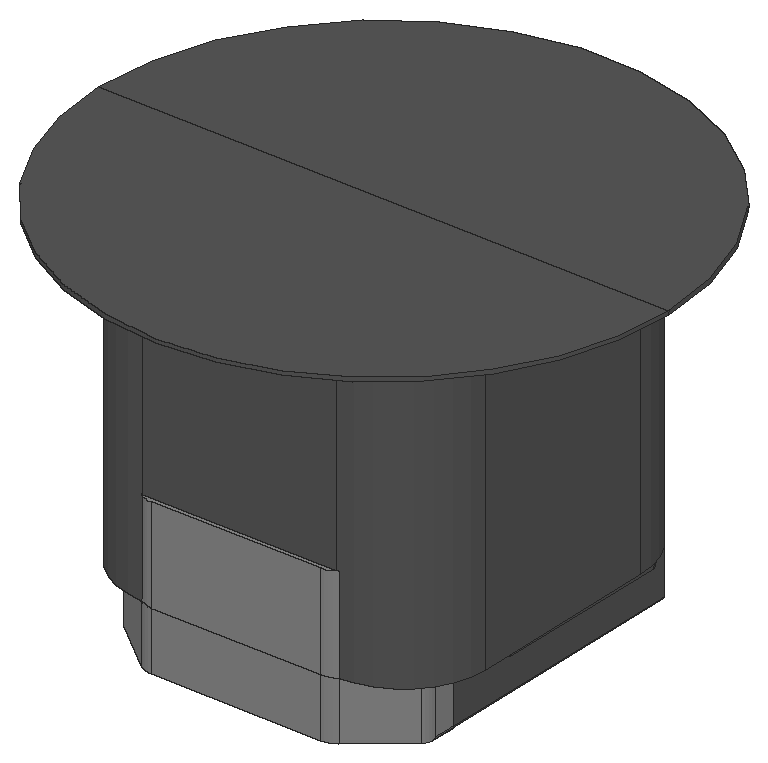
Revit family "1Electronics_Desono_Biamp_Two-Way-Conferencing-Loudspeaker_C-IC6", category Communication Devices, host Face, Revit 2020 (continued)
Definition of nested family "Tile Bridge Rail"
  Forms (in)
    Extrusion 7, solid, material <- "Housing Material"
      sketch origin (0, 0, 0) x (0, 1, 0) y (0, 0, 1)
        loop
          line (5.81473, 0.5889) -> (5.81473, 0.0625) -> (5.85937, 0.0625)
      from -0.42969 to 0.42831
  Lines and regions (in)
    Masking region 1
      outline origin (0, 0, 0) x (1, 0, 0) y (0, 1, 0)
        loop
          line (-12.80639, 6.57719) -> (-12.80639, 5.94727) -> (12.60954, 5.94727) -> (12.60954, 6.57719) -> (-12.80639, 6.57719)
        loop
          line (-12.80639, -5.9478) -> (-12.80639, -6.57772) -> (12.60954, -6.57772) -> (12.60954, -5.9478) -> (-12.80639, -5.9478)
    Masking region 2
      outline origin (0, 0, 0) x (1, 0, 0) y (0, 1, 0)
        loop
          line (12.60954, -5.9478) -> (12.60954, -6.57772) -> (12.65046, -6.57772) -> (12.65046, -5.9478) -> (12.60954, -5.9478)
        loop
          line (-12.84731, -5.9478) -> (-12.84731, -6.57772) -> (-12.80639, -6.57772) -> (-12.80639, -5.9478) -> (-12.84731, -5.9478)
        loop
          line (-12.84731, 6.57719) -> (-12.84731, 5.94727) -> (-12.80639, 5.94727) -> (-12.80639, 6.57719) -> (-12.84731, 6.57719)
        loop
          line (12.60954, 6.57719) -> (12.60954, 5.94727) -> (12.65046, 5.94727) -> (12.65046, 6.57719) -> (12.60954, 6.57719)
        loop
          line (-10.57087, 5.83039) -> (10.57087, 5.83039) -> (10.57087, 5.94727) -> (-10.57087, 5.94727) -> (-10.57087, 5.83039)
        loop
          line (-10.57087, -5.86906) -> (-10.57087, -5.98594) -> (10.57087, -5.98594) -> (10.57087, -5.86906) -> (-10.57087, -5.86906)
    Masking region 3
      outline origin (0, -0.89063, 0) x (0, 1, 0) y (0, 0, 1)
        loop
          line (-5.68657, 1.22012) -> (-5.68657, 0.04331) -> (-5.05664, 0.04331) -> (-5.05664, 1.22012) -> (-5.68657, 1.22012)
    Masking region 4
      outline origin (0, -0.89063, 0) x (0, 1, 0) y (0, 0, 1)
        loop
          line (-5.68657, 1.26772) -> (-5.68657, 1.22012) -> (-5.05664, 1.22012) -> (-5.05664, 1.26772) -> (-5.68657, 1.26772)
        loop
          line (-5.68657, 0.04331) -> (-5.68657, 0) -> (-5.05664, 0) -> (-5.05664, 0.04331) -> (-5.68657, 0.04331)
    Masking region 5
      outline origin (0, -0.89063, 0) x (0, 1, 0) y (0, 0, 1)
        loop
          arc (-5.02515, 0.07898) -> (-5.03437, 0.05672) -> (-5.05664, 0.04751) r 0.03147
          line (-5.05664, 0.04751) -> (-5.05664, 0.00024)
          arc (-5.05664, 0.00024) -> (-5.00096, 0.02331) -> (-4.9779, 0.07898) r 0.07874
          line (-4.9779, 0.07898) -> (-4.9779, 0.59079) -> (-5.02515, 0.59079) -> (-5.02515, 0.07898)
    Masking region 6
      outline origin (0, 0.89062, 0) x (0, -1, 0) y (0, 0, 1)
        loop
          line (-5.68657, 1.22012) -> (-5.68657, 0.04331) -> (-5.05664, 0.04331) -> (-5.05664, 1.22012) -> (-5.68657, 1.22012)
    Masking region 7
      outline origin (0, 0.89062, 0) x (0, -1, 0) y (0, 0, 1)
        loop
          line (-5.68657, 1.26772) -> (-5.68657, 1.22012) -> (-5.05664, 1.22012) -> (-5.05664, 1.26772) -> (-5.68657, 1.26772)
        loop
          line (-5.68657, 0.04331) -> (-5.68657, 0) -> (-5.05664, 0) -> (-5.05664, 0.04331) -> (-5.68657, 0.04331)
    Masking region 8
      outline origin (0, 0.89062, 0) x (0, -1, 0) y (0, 0, 1)
        loop
          arc (-5.02515, 0.07898) -> (-5.03437, 0.05672) -> (-5.05664, 0.04751) r 0.03147
          line (-5.05664, 0.04751) -> (-5.05664, 0.00024)
          arc (-5.05664, 0.00024) -> (-5.00096, 0.02331) -> (-4.9779, 0.07898) r 0.07874
          line (-4.9779, 0.07898) -> (-4.9779, 0.59079) -> (-5.02515, 0.59079) -> (-5.02515, 0.07898)
  Dimensions and locks (in)
    aligned and locked: plane 2 to Extrusion 1
    aligned and locked: level to Extrusion 1
Definition of nested family "Connector"
  Parameters (values of type "Connector")
    Housing Material [instance] = none
    Default Elevation = 4' - 0"
  Reference planes (in)
    plane 1 "Center (Front/Back)": y = 0
    plane 2: z = 0
    plane 3 "Center (Left/Right)": x = 0
  Forms (in)
    Extrusion 1, solid, material <- "Housing Material"
      sketch origin (0, 0, 0) x (1, 0, 0) y (0, 1, 0)
        loop
          circle (0, 0) r 0.03245
      from 0 to 0.07874
  Dimensions and locks (in)
    aligned and locked: level to plane 2
